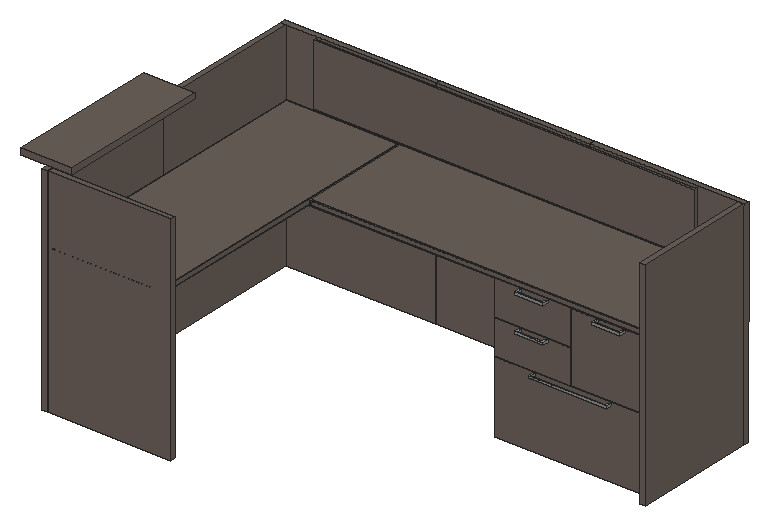
Revit family "OFS TYPICAL T200097", category Furniture, Revit 2022
Family settings
  OmniClass Number = 23.40.20.00
  OmniClass Title = General Furniture and Specialties
  Work Plane-Based = No
  Always vertical = Yes
  Cut with Voids When Loaded = No
  Render Appearance Source = Family Geometry
  Shared = No
  Room Calculation Point = No
Parameters (values of type "T200097")
  URL = "http://ofs.com/"
  Model = "T200097"
  Manufacturer = "OFS"
  Description = "OFS TYPICAL T200097"
  Default Elevation = 0' - 0"
  Copyright © = "©OFS 2024"
  Catalog = ""
  Authoring Version = "Autodesk Revit 2018"
  Assembly Code = "E2020200"
Reference planes (in)
  plane 1 "Center Front/Back": y = 0
  plane 2: z = 0
  plane 3 "Center Left/Right": x = 0
Dimensions and locks (in)
  aligned and locked: level to plane 2
Nested families (in)
  nested 1: "STAKS BENCHING RECTANGULAR WORKSURFACES" at (-0.83365, -65.55498, 0.125) x (0, 1, 0) z (0, 0, 1), type "STAKS BENCHING RECTANGULAR WORKSURFACE 57 X 22"
    with SURFACE WIDTH 4' - 9"
  nested 2: "STAKS BENCHING RECTANGULAR WORKSURFACES" at (96.55498, -24.83365, 0.125) x (-1, 0, 0) z (0, 0, 1), type "STAKS BENCHING RECTANGULAR WORKSURFACE 66 X 22"
  nested 3: "STAKS WORKSURFACE HEIGHT MULTI FILE PEDESTAL - NO RISER SUPPORT" at (53.08589, -23.62535, 0), type "STAKS WORKSURFACE HEIGHT MULTI FILE PEDESTAL 30 x 19 Right"
  nested 4: "STAKS SPINE OR DIVIDER WALL 42in" at (-6.55498, -56.16635, 0.125), type "STAKS SPINE OR DIVIDER WALL 42in X 24in"
    with Height Above Floor 3' - 6"
  nested 5: "STAKS SPINE OR DIVIDER WALL 42in" at (-1.83365, -66.55498, 0.125) x (0, 1, 0) z (0, 0, 1), type "STAKS SPINE OR DIVIDER WALL 42in X 26in 2"
    with Height Above Floor 3' - 6", Width 2' - 4"
  nested 6: "STAKS SPINE OR DIVIDER WALL 42in" at (-7.55498, 1.83365, 0.125), type "STAKS SPINE OR DIVIDER WALL 42in X 30in"
    with Height Above Floor 3' - 6"
  nested 7: "STAKS TRANSACTION SHELF" at (-1.49965, -27.375, -4.625) x (0, 1, 0) z (0, 0, 1), type "STAKS TRANSACTION SHELF 30in"
  nested 8: "STAKS FABRIC TACKBOARD FOR SPINE OR DIVIDER WALL" at (-0.80498, 0.83365, 0.125), type "STAKS FABRIC TACKBOARD FOR SPINE OR DIVIDER WALL 12H x 74-96W"
    with Height Above Floor 3' - 5 1/2"
  nested 9: "STAKS BENCHING CANTILEVER WORKSURFACE BRACKET - OPEN" at (70.75, -3.87535, 0), type "CANTILEVER WORKSURFACE BRACKET - OPEN 22in"
  nested 10: "STAKS SPINE OR DIVIDER WALL 42in" at (87.16635, 6.55498, 0.125) x (0, -1, 0) z (0, 0, 1), type "STAKS SPINE OR DIVIDER WALL 42in X 24in"
    with Height Above Floor 3' - 6"
  nested 11: "STAKS SPINE OR DIVIDER WALL 42in" at (67.55498, 1.83365, 0.125) x (-1, 0, 0) z (0, 0, 1), type "STAKS SPINE OR DIVIDER WALL 42in X 30in"
    with Height Above Floor 3' - 6"
  nested 12: "STAKS SPINE OR DIVIDER WALL 42in" at (52.44502, 1.83365, 0.125), type "STAKS SPINE OR DIVIDER WALL 42in X 30in"
    with Height Above Floor 3' - 6"
  nested 13: "STAKS SPINE OR DIVIDER WALL 42in" at (-1.83365, -38.55498, 0.125) x (0, 1, 0) z (0, 0, 1), type "STAKS SPINE OR DIVIDER WALL 42in X 30in"
    with Height Above Floor 3' - 6"
  nested 14: "STAKS BENCHING CANTILEVER WORKSURFACE BRACKET - OPEN" at (46, -3.87535, 0), type "CANTILEVER WORKSURFACE BRACKET - OPEN 22in"
  nested 15: "STAKS BENCHING CANTILEVER WORKSURFACE BRACKET - OPEN" at (3.87535, -14.25, 0) x (0, 1, 0) z (0, 0, 1), type "CANTILEVER WORKSURFACE BRACKET - OPEN 22in"
  nested 16: "STAKS BENCHING CANTILEVER WORKSURFACE BRACKET - OPEN" at (3.87535, -33, 0) x (0, 1, 0) z (0, 0, 1), type "CANTILEVER WORKSURFACE BRACKET - OPEN 22in"
  nested 17: "STAKS BENCHING CANTILEVER WORKSURFACE BRACKET - OPEN" at (3.87535, 3.5, 0) x (0, 1, 0) z (0, 0, 1), type "CANTILEVER WORKSURFACE BRACKET - OPEN 22in"
  nested 18: "temp:STAKS BENCHING PRESS FIT BRACKET" at (17, -55.44292, 15), type "STAKS BENCHING PRESS FIT BRACKET"
  nested 19: "temp:STAKS BENCHING PRESS FIT BRACKET" at (17, -33.05708, 15), type "STAKS BENCHING PRESS FIT BRACKET"
Definition of nested family "STAKS BENCHING RECTANGULAR WORKSURFACES"
  Parameters (values of type "STAKS BENCHING RECTANGULAR WORKSURFACE 48 X 22")
    URL = "https://www.ofs.com/"
    SURFACE DEPTH = 1' - 10"
    Model = "6-MCT-48/22"
    Manufacturer = "OFS"
    Description = "OFS STAKS BENCHING 48 X 22 RECTANGULAR WORKSURFACE"
    SURFACE WIDTH = 4' - 0"
    Default Elevation = 0' - 0"
    Copyright © = "© 2018 OFS"
    Catalog = "https://ofs.com/products/open-plan/benching/staks"
    Authoring Version = "Autodesk Revit Architecture 2013"
    Assembly Code = "E2020200"
  Types (21): name | SURFACE DEPTH | Model | Description | SURFACE WIDTH
    STAKS BENCHING RECTANGULAR WORKSURFACE 48 X 22 | 1' - 10" | "6-MCT-48/22" | "OFS STAKS BENCHING 48 X 22 RECTANGULAR WORKSURFACE" | 4' - 0"
    STAKS BENCHING RECTANGULAR WORKSURFACE 60 X 22 | 1' - 10" | "6-MCT-60/22" | "OFS STAKS BENCHING 60 X 22 RECTANGULAR WORKSURFACE" | 5' - 0"
    STAKS BENCHING RECTANGULAR WORKSURFACE 72 X 22 | 1' - 10" | "6-MCT-72/22" | "OFS STAKS BENCHING 72 X 22 RECTANGULAR WORKSURFACE" | 6' - 0"
    STAKS BENCHING RECTANGULAR WORKSURFACE 60 X 36 | 3' - 0" | "6-MCT-60/36" | "OFS STAKS BENCHING 60 X 36 RECTANGULAR WORKSURFACE" | 5' - 0"
    STAKS BENCHING RECTANGULAR WORKSURFACE 72 X 36 | 3' - 0" | "6-MCT-72/36" | "OFS STAKS BENCHING 72 X 36 RECTANGULAR WORKSURFACE" | 6' - 0"
    STAKS BENCHING RECTANGULAR WORKSURFACE 60 X 30 | 2' - 6" | "6-MCT-60/30" | "OFS STAKS BENCHING 60 X 30 RECTANGULAR WORKSURFACE" | 5' - 0"
    STAKS BENCHING RECTANGULAR WORKSURFACE 72 X 30 | 2' - 6" | "6-MCT-72/30" | "OFS STAKS BENCHING 72 X 30 RECTANGULAR WORKSURFACE" | 6' - 0"
    STAKS BENCHING RECTANGULAR WORKSURFACE 48 X 30 | 2' - 6" | "6-MCT-48/30" | "OFS STAKS BENCHING 48 X 30 RECTANGULAR WORKSURFACE" | 4' - 0"
    STAKS BENCHING RECTANGULAR WORKSURFACE 48 X 36 | 3' - 0" | "6-MCT-48/36" | "OFS STAKS BENCHING 48 X 36 RECTANGULAR WORKSURFACE" | 4' - 0"
    STAKS BENCHING RECTANGULAR WORKSURFACE 54 X 22 | 1' - 10" | "6-MCT-54/22" | "OFS STAKS BENCHING 54 X 22 RECTANGULAR WORKSURFACE" | 4' - 6"
    STAKS BENCHING RECTANGULAR WORKSURFACE 66 X 22 | 1' - 10" | "6-MCT-66/22" | "OFS STAKS BENCHING 66 X 22 RECTANGULAR WORKSURFACE" | 5' - 6"
    STAKS BENCHING RECTANGULAR WORKSURFACE 78 X 22 | 1' - 10" | "6-MCT-78/22" | "OFS STAKS BENCHING 78 X 22 RECTANGULAR WORKSURFACE" | 6' - 6"
    STAKS BENCHING RECTANGULAR WORKSURFACE 84 X 22 | 1' - 10" | "6-MCT-84/22" | "OFS STAKS BENCHING 84 X 22 RECTANGULAR WORKSURFACE" | 7' - 0"
    STAKS BENCHING RECTANGULAR WORKSURFACE 54 X 30 | 2' - 6" | "6-MCT-54/30" | "OFS STAKS BENCHING 54 X 30 RECTANGULAR WORKSURFACE" | 4' - 6"
    STAKS BENCHING RECTANGULAR WORKSURFACE 66 X 30 | 2' - 6" | "6-MCT-66/30" | "OFS STAKS BENCHING 66 X 30 RECTANGULAR WORKSURFACE" | 5' - 6"
    STAKS BENCHING RECTANGULAR WORKSURFACE 78 X 30 | 2' - 6" | "6-MCT-78/30" | "OFS STAKS BENCHING 78 X 30 RECTANGULAR WORKSURFACE" | 6' - 6"
    STAKS BENCHING RECTANGULAR WORKSURFACE 84 X 30 | 2' - 6" | "6-MCT-84/30" | "OFS STAKS BENCHING 84 X 30 RECTANGULAR WORKSURFACE" | 7' - 0"
    STAKS BENCHING RECTANGULAR WORKSURFACE 54 X 36 | 3' - 0" | "6-MCT-54/36" | "OFS STAKS BENCHING 54 X 36 RECTANGULAR WORKSURFACE" | 4' - 6"
    STAKS BENCHING RECTANGULAR WORKSURFACE 66 X 36 | 3' - 0" | "6-MCT-66/36" | "OFS STAKS BENCHING 66 X 36 RECTANGULAR WORKSURFACE" | 5' - 6"
    STAKS BENCHING RECTANGULAR WORKSURFACE 78 X 36 | 3' - 0" | "6-MCT-78/36" | "OFS STAKS BENCHING 78 X 36 RECTANGULAR WORKSURFACE" | 6' - 6"
    STAKS BENCHING RECTANGULAR WORKSURFACE 84 X 36 | 3' - 0" | "6-MCT-84/36" | "OFS STAKS BENCHING 84 X 36 RECTANGULAR WORKSURFACE" | 6' - 6"
  Reference planes (in)
    plane 1: z = -0.125
    plane 2 "LEFT": x = 7.55498
    plane 3 "RIGHT": x = 55.55498
    plane 4 "BACK": y = -1.83365
    plane 5 "FRONT": y = -23.83365
    plane 6: x = 7.67998
    plane 7: x = 55.42998
    plane 8: y = -1.95865
    plane 9: y = -23.70865
    plane 10: z = 27.75
    plane 11 "SURFACE TOP": z = 28.875
  Forms (in)
    Extrusion 1, solid
      sketch origin (0, 0, 17.125) x (-1, 0, 0) y (0, -1, 0)
        loop
          line (-7.67998, 1.95865) -> (-7.67998, 23.70865) -> (-55.42998, 23.70865) -> (-55.42998, 1.95865) -> (-7.67998, 1.95865)
      from 11.75 to 10.625
    Sweep 2, solid
      path origin (0, 0, 28.875) x (0, 1, 0) y (-1, 0, 0)
        loop
          line (-23.83365, -7.55498) -> (-23.83365, -55.55498) -> (-1.83365, -55.55498) -> (-1.83365, -7.55498) -> (-23.83365, -7.55498)
      profile origin (31.55498, -23.83365, 28.875) x (0, 1, 0) y (0, 0, 1)
        loop
          arc (0.125, 0) -> (0.03661, -0.03661) -> (0, -0.125) r 0.125
          line (0, -0.125) -> (0, -1)
          arc (0, -1) -> (0.03661, -1.08839) -> (0.125, -1.125) r 0.125
          line (0.125, -1.125) -> (0.125, 0)
  Lines and regions (in)
    Masking region 1
      outline origin (0, 0, 16.625) x (-1, 0, 0) y (0, -1, 0)
        loop
          line (-7.67998, 1.95865) -> (-7.55498, 1.83365) -> (-7.55498, 23.83365) -> (-7.67998, 23.70865) -> (-7.67998, 1.95865)
    Masking region 2
      outline origin (0, 0, 16.625) x (-1, 0, 0) y (0, -1, 0)
        loop
          line (-7.55498, 1.83365) -> (-7.67998, 1.95865) -> (-55.42998, 1.95865) -> (-55.55498, 1.83365) -> (-7.55498, 1.83365)
    Masking region 3
      outline origin (0, 0, 16.625) x (-1, 0, 0) y (0, -1, 0)
        loop
          line (-55.55498, 1.83365) -> (-55.42998, 1.95865) -> (-55.42998, 23.70865) -> (-55.55498, 23.83365) -> (-55.55498, 1.83365)
    Masking region 4
      outline origin (0, 0, 16.625) x (-1, 0, 0) y (0, -1, 0)
        loop
          line (-55.55498, 23.83365) -> (-55.42998, 23.70865) -> (-7.67998, 23.70865) -> (-7.55498, 23.83365) -> (-55.55498, 23.83365)
    Masking region 5
      outline origin (0, 0, 16.625) x (-1, 0, 0) y (0, -1, 0)
        loop
          line (-55.42998, 23.70865) -> (-55.42998, 1.95865) -> (-7.67998, 1.95865) -> (-7.67998, 23.70865) -> (-55.42998, 23.70865)
  Dimensions and locks (in)
    "SURFACE DEPTH": plane 4 "BACK" to plane 5 "FRONT"
    "SURFACE WIDTH": plane 2 "LEFT" to plane 3 "RIGHT"
    locked: plane 11 "SURFACE TOP" to plane 10 at 1.125
    locked: plane 4 "BACK" to plane 8 at 0.125
    locked: plane 2 "LEFT" to plane 6 at 0.125
    locked: plane 7 to plane 3 "RIGHT" at 0.125
    locked: plane 9 to plane 5 "FRONT" at 0.125
    aligned: level to plane 1
    aligned and locked: plane 8 to Extrusion 1 sketch curve
    aligned and locked: Extrusion 1 sketch curve to plane 6
    aligned and locked: Extrusion 1 sketch curve to plane 9
    aligned and locked: plane 7 to Extrusion 1 sketch curve
    aligned and locked: plane 11 "SURFACE TOP" to Extrusion 1
    aligned and locked: Extrusion 1 to plane 10
    aligned and locked: Sweep 2 sketch curve to plane 5 "FRONT"
    aligned and locked: Sweep 2 sketch curve to plane 2 "LEFT"
    aligned and locked: plane 4 "BACK" to Sweep 2 sketch curve
    aligned and locked: plane 3 "RIGHT" to Sweep 2 sketch curve
  Automatic sketch dimensions
    Masking region 1 sketch curve to plane 6 = 0' - 0"
    Masking region 1 sketch curve to plane 2 "LEFT" = 0' - 0"
    Masking region 1 sketch curve to plane 4 "BACK" = 0' - 0"
    Masking region 1 sketch curve to plane 8 = 0' - 0"
    Masking region 1 sketch curve to plane 9 = 0' - 0"
    Masking region 1 sketch curve to plane 5 "FRONT" = 0' - 0"
    Masking region 2 sketch curve to plane 3 "RIGHT" = 0' - 0"
    Masking region 2 sketch curve to plane 7 = 0' - 0"
    Masking region 2 sketch curve to plane 6 = 0' - 0"
    Masking region 2 sketch curve to plane 2 "LEFT" = 0' - 0"
    Masking region 2 sketch curve to plane 4 "BACK" = 0' - 0"
    Masking region 2 sketch curve to plane 8 = 0' - 0"
    Masking region 3 sketch curve to plane 3 "RIGHT" = 0' - 0"
    Masking region 3 sketch curve to plane 7 = 0' - 0"
    Masking region 3 sketch curve to plane 4 "BACK" = 0' - 0"
    Masking region 3 sketch curve to plane 8 = 0' - 0"
    Masking region 3 sketch curve to plane 9 = 0' - 0"
    Masking region 3 sketch curve to plane 5 "FRONT" = 0' - 0"
    Masking region 4 sketch curve to plane 3 "RIGHT" = 0' - 0"
    Masking region 4 sketch curve to plane 7 = 0' - 0"
    Masking region 4 sketch curve to plane 6 = 0' - 0"
    Masking region 4 sketch curve to plane 2 "LEFT" = 0' - 0"
    Masking region 4 sketch curve to plane 9 = 0' - 0"
    Masking region 4 sketch curve to plane 5 "FRONT" = 0' - 0"
    Masking region 5 sketch curve to plane 7 = 0' - 0"
    Masking region 5 sketch curve to plane 6 = 0' - 0"
    Masking region 5 sketch curve to plane 8 = 0' - 0"
    Masking region 5 sketch curve to plane 9 = 0' - 0"
    Sweep 2 sketch curve to profile plane = 0' - 0"
    Sweep 2 sketch curve to plane 11 "SURFACE TOP" = 0' - 0"
    Sweep 2 sketch curve to profile plane = 0' - 0 1/8"
    Sweep 2 sketch curve to Sweep 2 sketch curve = 0' - 0 7/8"
Definition of nested family "STAKS WORKSURFACE HEIGHT MULTI FILE PEDESTAL - NO RISER SUPPORT"
  Parameters (values of type "STAKS WORKSURFACE HEIGHT MULTI FILE PEDESTAL 30 x 19 Left")
    URL = "http://www.ofs.com/"
    Riser Support = 0' - 0"
    Model = "6-NW3019MPD12L"
    Manufacturer = "OFS"
    LDR = no
    LDL = yes
    Height = 2' - 3 7/8"
    Drawer Material = none
    Drawer Handle Width 2 = 0' - 5 1/2"
    Drawer Handle Width = 1' - 3 1/8"
    Drawer Handle Material = none
    Description = "OFS STAKS WORKSURFACE HEIGHT MULTI FILE PEDESTAL 30 x 19 Left, One Lateral File Drawer, Use with 22\"D Worksurfaces"
    Width = 2' - 6"
    Depth = 1' - 7 3/8"
    Default Elevation = 0' - 0"
    DH2 = 0' - 6 3/4"
    DH1 = 1' - 2 3/8"
    Copyright © = "© 2018 OFS"
    Chasis Material = none
    Catalog = "https://ofs.com/products/casegoods/private-office/staks"
    Board Thickness = 0' - 0 3/4"
    Authoring Version = "Autodesk Revit Architecture 2013"
    Assembly Code = "E2020200"
  Types (4): name | Model | LDR | LDL | Description | Depth
    STAKS WORKSURFACE HEIGHT MULTI FILE PEDESTAL 30 x 19 Left | "6-NW3019MPD12L" | no | yes | "OFS STAKS WORKSURFACE HEIGHT MULTI FILE PEDESTAL 30 x 19 Left, One Lateral File Drawer, Use with 22\"D Worksurfaces" | 1' - 7 3/8"
    STAKS WORKSURFACE HEIGHT MULTI FILE PEDESTAL 30 x 19 Right | "6-NW3019MPD12R" | yes | no | "OFS STAKS WORKSURFACE HEIGHT MULTI FILE PEDESTAL 30 x 19 Right, One Lateral File Drawer, Use with 22\"D Worksurfaces" | 1' - 7 3/8"
    STAKS WORKSURFACE HEIGHT MULTI FILE PEDESTAL 30 x 22 Right | "6-NW3022MPD12R" | yes | no | "OFS STAKS WORKSURFACE HEIGHT MULTI FILE PEDESTAL 30 x 22 Right, One Lateral File Drawer, Use with 22\"D Worksurfaces" | 1' - 9 7/8"
    STAKS WORKSURFACE HEIGHT MULTI FILE PEDESTAL 30 x 22 Left | "6-NW3022MPD12L" | no | yes | "OFS STAKS WORKSURFACE HEIGHT MULTI FILE PEDESTAL 30 x 22 Left, One Lateral File Drawer, Use with 22\"D Worksurfaces" | 1' - 9 7/8"
  Reference planes (in)
    plane 1: z = 0
    plane 2 "Right": x = 20.97711
    plane 3: z = 27.875
    plane 4: z = 14.375
    plane 5: z = 14.25
    plane 6: z = 0
    plane 7: z = 14
    plane 8: z = 27.625
    plane 9: z = 13.531
    plane 10: z = 27.15625
    plane 11: x = 5.97711
    plane 12: y = 1.37535
    plane 13: y = 0.62535
    plane 14: x = 6.03961
    plane 15: x = 35.91411
    plane 16: x = 6.72711
    plane 17: y = 20.00035
    plane 18: x = 35.97711
    plane 19: x = 35.22711
    plane 20: x = 13.41461
    plane 21: x = 13.78961
    plane 22: x = 28.53961
    plane 23: x = 28.16461
    plane 24: y = -0.18715
    plane 25: y = -0.37465
    plane 26: z = 21.125
    plane 27: z = 21
    plane 28: z = 20.75
    plane 29: z = 20.281
    plane 30: z = 0.25
    plane 31: y = 19.25035
    plane 32: z = 0.75
    plane 33: y = 16.75035
    plane 34: y = 4.37535
    plane 35: y = 8.37535
    plane 36: y = 12.75035
    plane 37: y = 5.00035
    plane 38: y = 13.37535
    plane 39: z = 28
    plane 40: x = 20.91461
    plane 41: x = 21.03961
    plane 42: x = 13.50836
    plane 43: x = 16.25836
    plane 44: x = 10.75836
    plane 45: x = 11.13336
    plane 46: x = 15.88336
    plane 47: x = 28.47711
    plane 48: x = 25.72711
    plane 49: x = 31.22711
    plane 50: x = 30.85211
    plane 51: x = 26.10211
  Forms (in)
    Extrusion 1, solid, material <- "Drawer Material"
      sketch origin (20.35211, 5, -13.1802) x (0, 1, 0) y (0, 0, 1)
        loop
          line (-4.37465, 27.4302) -> (-4.37465, 13.4302) -> (-3.62465, 13.4302) -> (-3.62465, 27.4302) -> (-4.37465, 27.4302)
      from -14.3125 to 15.562
    Extrusion 2, solid, material <- "Drawer Material", visible <- "LDR"
      sketch origin (20.35211, 2.25, -7.68015) x (0, 1, 0) y (0, 0, 1)
        loop
          line (-1.62465, 28.68015) -> (-1.62465, 22.05515) -> (-0.87465, 22.05515) -> (-0.87465, 28.68015) -> (-1.62465, 28.68015)
      from -14.3125 to 0.5625
    Extrusion 3, solid, material <- "Chasis Material"
      sketch origin (-3, -1.24965, 0) x (1, 0, 0) y (0, 0, 1)
        loop
          line (8.97711, 0) -> (9.72711, 0) -> (9.72711, 27.875) -> (8.97711, 27.875) -> (8.97711, 0)
      from -21.25 to -2.625
    Extrusion 4, solid, material <- "Chasis Material"
      sketch origin (19.35211, 31.02324, 0) x (0, 1, 0) y (0, 0, 1)
        loop
          line (-11.77289, 0) -> (-11.02289, 0) -> (-11.02289, 27.875) -> (-11.77289, 27.875) -> (-11.77289, 0)
      from -12.625 to 15.875
    Extrusion 5, solid, material <- "Drawer Handle Material"
      sketch origin (9, 0, 9.60933) x (1, 0, 0) y (0, 1, 0)
        loop
          line (4.41461, 0.62535) -> (4.41461, -0.37465) -> (19.53961, -0.37465) -> (19.53961, 0.62535) -> (19.16461, 0.62535) -> (19.16461, -0.18715) -> (4.78961, -0.18715) -> (4.78961, 0.62535) -> (4.41461, 0.62535)
      from 3.92167 to 4.39067
    Extrusion 6, solid, material <- "Chasis Material"
      sketch origin (0, 0, 0) x (1, 0, 0) y (0, 1, 0)
        loop
          line (35.97711, 20.00035) -> (35.22711, 20.00035) -> (35.22711, 1.37535) -> (35.97711, 1.37535) -> (35.97711, 20.00035)
      from 0 to 27.875
    Extrusion 7, solid, material <- "Drawer Material", visible <- "LDR"
      sketch origin (20.35211, 2.25, 0.06985) x (0, 1, 0) y (0, 0, 1)
        loop
          line (-1.62465, 27.80515) -> (-1.62465, 21.05515) -> (-0.87465, 21.05515) -> (-0.87465, 27.80515) -> (-1.62465, 27.80515)
      from -14.3125 to 0.5625
    Extrusion 8, solid, material <- "Chasis Material"
      sketch origin (-29.79592, -1.62465, 7.24693) x (1, 0, 0) y (0, 0, 1)
        loop
          line (36.52304, 19.90932) -> (65.02304, 19.90932) -> (65.02304, 20.62807) -> (36.52304, 20.62807) -> (36.52304, 19.90932)
      from -18.375 to -14.375
    Extrusion 9, solid, material <- "Chasis Material"
      sketch origin (-29.79592, -7.12465, 7.24693) x (1, 0, 0) y (0, 0, 1)
        loop
          line (36.52304, 19.90932) -> (65.02304, 19.90932) -> (65.02304, 20.62807) -> (36.52304, 20.62807) -> (36.52304, 19.90932)
      from -15.5 to -11.5
    Extrusion 10, solid, material <- "Chasis Material"
      sketch origin (-31.5409, -1.62465, -42.72261) x (1, 0, 0) y (0, 0, 1)
        loop
          line (38.26801, 42.72261) -> (66.76801, 42.72261) -> (66.76801, 43.47261) -> (38.26801, 43.47261) -> (38.26801, 42.72261)
      from -20.875 to -3
    Extrusion 11, solid
      sketch origin (0, 0, 0) x (1, 0, 0) y (0, 1, 0)
        loop
          line (35.91411, 20.00035) -> (35.22711, 20.00035) -> (35.22711, 13.37535) -> (6.72711, 13.37535) -> (6.72711, 20.00035) -> (6.03961, 20.00035) -> (6.03961, 1.37535) -> (6.72711, 1.37535) -> (6.72711, 4.37535) -> (35.22711, 4.37535) -> (35.22711, 1.37535) -> (35.91411, 1.37535) -> (35.91411, 20.00035)
        loop
          line (35.22711, 5.00035) -> (35.22711, 12.75035) -> (6.72711, 12.75035) -> (6.72711, 5.00035) -> (35.22711, 5.00035)
      from 27.875 to 28
    Extrusion 12, solid, material <- "Drawer Material", visible <- "LDL"
      sketch origin (21.60211, 2.25, -7.68015) x (0, 1, 0) y (0, 0, -1)
        loop
          line (-1.62465, -28.68015) -> (-0.87465, -28.68015) -> (-0.87465, -22.05515) -> (-1.62465, -22.05515) -> (-1.62465, -28.68015)
      from -14.312 to 0.5625
    Extrusion 13, solid, material <- "Drawer Material", visible <- "LDL"
      sketch origin (21.60211, 2.25, 0.06985) x (0, 1, 0) y (0, 0, -1)
        loop
          line (-1.62465, -27.80515) -> (-0.87465, -27.80515) -> (-0.87465, -21.05515) -> (-1.62465, -21.05515) -> (-1.62465, -27.80515)
      from -14.312 to 0.5625
    Extrusion 14, solid, material <- "Drawer Handle Material"
      sketch origin (6, 0, 28.42137) x (1, 0, 0) y (0, 1, 0)
        loop
          line (4.75836, 0.62535) -> (4.75836, -0.37465) -> (10.25836, -0.37465) -> (10.25836, 0.62535) -> (9.88336, 0.62535) -> (9.88336, -0.18715) -> (5.13336, -0.18715) -> (5.13336, 0.62535) -> (4.75836, 0.62535)
      from -1.26512 to -0.79637
    Extrusion 15, solid, material <- "Drawer Handle Material"
      sketch origin (20.66456, -2.06097, 28.42137) x (1, 0, 0) y (0, 1, 0)
        loop
          line (5.06255, 2.68632) -> (5.06255, 1.68632) -> (10.56255, 1.68632) -> (10.56255, 2.68632) -> (10.18755, 2.68632) -> (10.18755, 1.87382) -> (5.43755, 1.87382) -> (5.43755, 2.68632) -> (5.06255, 2.68632)
      from -1.26512 to -0.79637
    Extrusion 16, solid, material <- "Drawer Handle Material", visible <- "LDR"
      sketch origin (7.00542, -0.5, 20.23287) x (1, 0, 0) y (0, 1, 0)
        loop
          line (3.75294, 1.12535) -> (3.75294, 0.12535) -> (9.25294, 0.12535) -> (9.25294, 1.12535) -> (8.87794, 1.12535) -> (8.87794, 0.31285) -> (4.12794, 0.31285) -> (4.12794, 1.12535) -> (3.75294, 1.12535)
      from 0.04813 to 0.51713
    Extrusion 17, solid, material <- "Drawer Handle Material", visible <- "LDL"
      sketch origin (21.66998, -2.56097, 20.23287) x (1, 0, 0) y (0, 1, 0)
        loop
          line (4.05713, 3.18632) -> (4.05713, 2.18632) -> (9.55713, 2.18632) -> (9.55713, 3.18632) -> (9.18213, 3.18632) -> (9.18213, 2.37382) -> (4.43213, 2.37382) -> (4.43213, 3.18632) -> (4.05713, 3.18632)
      from 0.04813 to 0.51713
    Extrusion 18, solid, material <- "Drawer Material", visible <- "LDL"
      sketch origin (24.41461, 28.53949, -8.13862) x (0, 1, 0) y (0, 0, 1)
        loop
          line (-27.91414, 36.01362) -> (-27.91414, 22.51362) -> (-27.16414, 22.51362) -> (-27.16414, 36.01362) -> (-27.91414, 36.01362)
      from -18.375 to -3.5
    Extrusion 19, solid, material <- "Drawer Material", visible <- "LDR"
      sketch origin (46.20051, 28.53949, -5.07681) x (0, 1, 0) y (0, 0, 1)
        loop
          line (-27.91414, 32.95181) -> (-27.91414, 19.45181) -> (-27.16414, 19.45181) -> (-27.16414, 32.95181) -> (-27.91414, 32.95181)
      from -25.1609 to -10.2864
  Dimensions and locks (in)
    "Board Thickness": plane 13 to plane 12
    locked: plane 11 to plane 14 at 0.0625
    "Board Thickness": plane 11 to plane 16
    locked: plane 15 to plane 18 at 0.063
    "Width": plane 11 to plane 18
    Extrusion 6 sketch curve to plane 18 = 0' - 0 3/4"
    "Board Thickness": plane 19 to plane 18
    equal spacing: plane 11, plane 2 "Right", plane 18
    locked: plane 20 to plane 21 at 0.375
    locked: plane 23 to plane 22 at 0.375
    equal spacing: plane 20, plane 2 "Right", plane 22
    "Drawer Handle Width": plane 20 to plane 22
    plane 25 to plane 24 to plane 13 = 0' - 0 3/16" locked, 0' - 0 13/16" locked
    "Riser Support": plane 6 to level
    "Height": plane 3 to plane 6
    "DH1": plane 4 to plane 6
    "DH2": plane 26 to plane 4
    locked: plane 30 to plane 6 at 0.25
    "Board Thickness": plane 31 to plane 17
    "Depth": plane 13 to plane 17
    plane 4 to plane 5 to plane 7 to plane 9 = 0' - 0 1/8" locked, 0' - 0 1/4" locked, 0' - 0.469" locked
    plane 26 to plane 27 to plane 28 to plane 29 = 0' - 0 1/8" locked, 0' - 0 1/4" locked, 0' - 0.469" locked
    plane 3 to plane 8 to plane 10 = 0' - 0 1/4" locked, 0' - 0 15/32" locked
    "Board Thickness": plane 32 to plane 6
    plane 12 to plane 34 to plane 35 = 0' - 3" locked, 0' - 4" locked
    plane 36 to plane 33 to plane 31 = 0' - 4" locked, 0' - 2 1/2" locked
    locked: plane 34 to plane 37 at 0.625
    locked: plane 36 to plane 38 at 0.625
    locked: plane 39 to plane 3 at 0.125
    plane 40 to plane 2 "Right" to plane 41 = 0' - 0 1/16" locked, 0' - 0 1/16" locked
    locked: plane 46 to plane 43 at 0.375
    locked: plane 44 to plane 45 at 0.375
    "Drawer Handle Width 2": plane 44 to plane 43
    locked: plane 51 to plane 48 at 0.375
    locked: plane 49 to plane 50 at 0.375
    "Drawer Handle Width 2": plane 49 to plane 48
    equal spacing: plane 44, plane 42, plane 43
    equal spacing: plane 48, plane 47, plane 49
    equal spacing: plane 14, plane 42, plane 2 "Right"
    equal spacing: plane 2 "Right", plane 47, plane 18
    aligned and locked: level to plane 1
    aligned and locked: Extrusion 1 to plane 14
    aligned and locked: plane 15 to Extrusion 1
    aligned and locked: Extrusion 2 to plane 12
    aligned and locked: plane 13 to Extrusion 2
    aligned and locked: Extrusion 2 to plane 14
    aligned and locked: plane 12 to Extrusion 3
    aligned and locked: Extrusion 3 to plane 17
    aligned and locked: Extrusion 4 to plane 16
    aligned and locked: plane 16 to Extrusion 3
    aligned and locked: Extrusion 3 to plane 11
    aligned and locked: Extrusion 4 to plane 17
    aligned and locked: Extrusion 1 sketch curve to plane 12
    aligned and locked: plane 13 to Extrusion 1 sketch curve
    aligned and locked: plane 19 to Extrusion 4
    aligned and locked: plane 3 to Extrusion 3
    aligned and locked: Extrusion 5 to plane 22
    aligned and locked: plane 23 to Extrusion 5
    aligned and locked: plane 21 to Extrusion 5
    aligned and locked: Extrusion 5 to plane 20
    aligned and locked: plane 7 to Extrusion 5
    aligned and locked: Extrusion 5 to plane 9
    aligned and locked: plane 3 to Extrusion 4
    aligned and locked: plane 27 to Extrusion 2
    aligned and locked: Extrusion 1 to plane 30
    aligned and locked: Extrusion 7 to plane 26
    aligned and locked: plane 3 to Extrusion 7
    aligned and locked: Extrusion 6 to plane 19
    aligned and locked: Extrusion 7 to plane 14
    aligned and locked: plane 3 to Extrusion 6
    aligned and locked: Extrusion 6 to plane 6
    aligned and locked: plane 3 to Extrusion 8
    aligned and locked: Extrusion 8 to plane 10
    aligned and locked: plane 19 to Extrusion 8
    aligned and locked: Extrusion 8 to plane 16
    aligned and locked: Extrusion 8 to plane 33
    aligned and locked: plane 36 to Extrusion 8
    aligned and locked: plane 34 to Extrusion 9
    aligned and locked: Extrusion 9 to plane 35
    aligned and locked: plane 3 to Extrusion 9
    aligned and locked: Extrusion 9 to plane 10
    aligned and locked: plane 32 to Extrusion 10
    aligned and locked: Extrusion 10 to plane 6
    aligned and locked: Extrusion 10 to plane 31
    aligned and locked: plane 12 to Extrusion 10
    aligned and locked: plane 19 to Extrusion 10
    aligned and locked: Extrusion 10 to plane 16
    aligned and locked: Extrusion 11 to plane 3
    aligned and locked: plane 39 to Extrusion 11
    aligned and locked: plane 40 to Extrusion 7
    aligned and locked: plane 40 to Extrusion 2
    aligned and locked: plane 41 to Extrusion 13
    aligned and locked: plane 41 to Extrusion 12
    aligned and locked: Extrusion 13 to plane 26
    aligned and locked: plane 27 to Extrusion 12
    aligned and locked: plane 3 to Extrusion 13
    aligned and locked: Extrusion 12 to plane 4
    aligned and locked: plane 15 to Extrusion 12
    aligned and locked: plane 15 to Extrusion 13
    aligned and locked: Extrusion 14 to plane 45  (x2)
    aligned and locked: plane 44 to Extrusion 14
    aligned and locked: plane 46 to Extrusion 14
    aligned and locked: Extrusion 14 to plane 43
    aligned and locked: Extrusion 14 to plane 24
    aligned and locked: plane 25 to Extrusion 14
    aligned and locked: Extrusion 14 to plane 13  (x2)
    aligned and locked: Extrusion 15 to plane 13  (x2)
    aligned and locked: Extrusion 15 to plane 24
    aligned and locked: plane 25 to Extrusion 15
    aligned and locked: plane 48 to Extrusion 15
    aligned and locked: Extrusion 15 to plane 51
    aligned and locked: Extrusion 15 to plane 49
    aligned and locked: plane 50 to Extrusion 15
    aligned and locked: plane 8 to Extrusion 14
    aligned and locked: plane 8 to Extrusion 15
    aligned and locked: Extrusion 14 to plane 10
    aligned and locked: Extrusion 15 to plane 10
    aligned and locked: Extrusion 16 to plane 13  (x2)
    aligned and locked: Extrusion 17 to plane 13  (x2)
    aligned and locked: Extrusion 17 to plane 24
    aligned and locked: plane 25 to Extrusion 17
    aligned and locked: Extrusion 16 to plane 24
    aligned and locked: plane 25 to Extrusion 16
    aligned and locked: plane 44 to Extrusion 16
    aligned and locked: Extrusion 16 to plane 45
    aligned and locked: plane 46 to Extrusion 16
    aligned and locked: Extrusion 16 to plane 43
    aligned and locked: plane 48 to Extrusion 17
    aligned and locked: Extrusion 17 to plane 51
    aligned and locked: plane 50 to Extrusion 17
    aligned and locked: Extrusion 17 to plane 49
    aligned and locked: plane 28 to Extrusion 16
    aligned and locked: Extrusion 16 to plane 29
    aligned and locked: plane 28 to Extrusion 17
    aligned and locked: Extrusion 17 to plane 29
    aligned and locked: Extrusion 4 to plane 6
    aligned and locked: Extrusion 3 to plane 6
    aligned and locked: Extrusion 18 to plane 14
    aligned and locked: plane 40 to Extrusion 18
    aligned and locked: Extrusion 18 to plane 4
    aligned and locked: plane 41 to Extrusion 19
    aligned and locked: Extrusion 19 to plane 4
    aligned and locked: plane 15 to Extrusion 19
    aligned and locked: plane 3 to Extrusion 19
    aligned and locked: plane 3 to Extrusion 18
    aligned and locked: plane 13 to Extrusion 18
    aligned and locked: plane 13 to Extrusion 19
    aligned and locked: Extrusion 18 to plane 12
    aligned and locked: Extrusion 19 to plane 12
    aligned and locked: plane 12 to Extrusion 11  (x2)
  Automatic sketch dimensions
    Extrusion 1 sketch curve to plane 30 = 0' - 0"
    Extrusion 1 sketch curve to plane 5 = 0' - 0"
    Extrusion 2 sketch curve to plane 13 = 0' - 0"
    Extrusion 2 sketch curve to plane 4 = 0' - 0"
    Extrusion 2 sketch curve to plane 12 = 0' - 0"
    Extrusion 2 sketch curve to plane 27 = 0' - 0"
    Extrusion 3 sketch curve to plane 6 = 0' - 0"
    Extrusion 3 sketch curve to plane 11 = 0' - 0"
    Extrusion 3 sketch curve to plane 3 = 0' - 0"
    Extrusion 3 sketch curve to plane 16 = 0' - 0"
    Extrusion 4 sketch curve to plane 6 = 0' - 0"
    Extrusion 4 sketch curve to plane 3 = 0' - 0"
    Extrusion 4 sketch curve to plane 17 = 0' - 0"
    plane 31 to Extrusion 4 sketch curve = 0' - 0"
    plane 13 to Extrusion 5 sketch curve = 0' - 0"  (x2)
    Extrusion 5 sketch curve to plane 20 = 0' - 0"
    Extrusion 5 sketch curve to plane 21 = 0' - 0"
    Extrusion 5 sketch curve to plane 23 = 0' - 0"
    Extrusion 5 sketch curve to plane 22 = 0' - 0"
    plane 25 to Extrusion 5 sketch curve = 0' - 0"
    plane 24 to Extrusion 5 sketch curve = 0' - 0"
    plane 12 to Extrusion 6 sketch curve = 0' - 0"
    Extrusion 6 sketch curve to plane 18 = 0' - 0"
    plane 17 to Extrusion 6 sketch curve = 0' - 0"
    Extrusion 7 sketch curve to plane 3 = 0' - 0"
    Extrusion 7 sketch curve to plane 13 = 0' - 0"
    Extrusion 7 sketch curve to plane 12 = 0' - 0"
    Extrusion 7 sketch curve to plane 26 = 0' - 0"
    Extrusion 8 sketch curve to plane 10 = 0' - 0"
    Extrusion 8 sketch curve to plane 16 = 0' - 0"
    Extrusion 8 sketch curve to plane 3 = 0' - 0"
    Extrusion 8 sketch curve to plane 19 = 0' - 0"
    Extrusion 9 sketch curve to plane 10 = 0' - 0"
    Extrusion 9 sketch curve to plane 16 = 0' - 0"
    Extrusion 9 sketch curve to plane 3 = 0' - 0"
    Extrusion 9 sketch curve to plane 19 = 0' - 0"
    Extrusion 10 sketch curve to plane 6 = 0' - 0"
    Extrusion 10 sketch curve to plane 16 = 0' - 0"
    Extrusion 10 sketch curve to plane 19 = 0' - 0"
    Extrusion 10 sketch curve to plane 32 = 0' - 0"
    Extrusion 11 sketch curve to plane 14 = 0' - 0"
    Extrusion 11 sketch curve to plane 16 = 0' - 0"  (x3)
    Extrusion 11 sketch curve to plane 19 = 0' - 0"  (x3)
    plane 17 to Extrusion 11 sketch curve = 0' - 0"  (x2)
    Extrusion 11 sketch curve to plane 13 = 0' - 0 3/4"  (x2)
    Extrusion 11 sketch curve to plane 15 = 0' - 0"
    plane 34 to Extrusion 11 sketch curve = 0' - 0"
    plane 37 to Extrusion 11 sketch curve = 0' - 0"
    plane 36 to Extrusion 11 sketch curve = 0' - 0"
    plane 38 to Extrusion 11 sketch curve = 0' - 0"
    Extrusion 12 sketch curve to plane 13 = 0' - 0"
    plane 4 to Extrusion 12 sketch curve = 0' - 0"
    Extrusion 12 sketch curve to plane 12 = 0' - 0"
    plane 27 to Extrusion 12 sketch curve = 0' - 0"
    plane 3 to Extrusion 13 sketch curve = 0' - 0"
    Extrusion 13 sketch curve to plane 13 = 0' - 0"
    Extrusion 13 sketch curve to plane 12 = 0' - 0"
    plane 26 to Extrusion 13 sketch curve = 0' - 0"
    plane 13 to Extrusion 14 sketch curve = 0' - 0"  (x2)
    Extrusion 14 sketch curve to plane 44 = 0' - 0"
    Extrusion 14 sketch curve to plane 45 = 0' - 0"
    plane 24 to Extrusion 14 sketch curve = 0' - 0"
    Extrusion 14 sketch curve to plane 46 = 0' - 0"
    Extrusion 14 sketch curve to plane 43 = 0' - 0"
    plane 25 to Extrusion 14 sketch curve = 0' - 0"
    plane 13 to Extrusion 15 sketch curve = 0' - 0"  (x2)
    Extrusion 15 sketch curve to plane 48 = 0' - 0"
    Extrusion 15 sketch curve to plane 51 = 0' - 0"
    plane 24 to Extrusion 15 sketch curve = 0' - 0"
    Extrusion 15 sketch curve to plane 50 = 0' - 0"
    Extrusion 15 sketch curve to plane 49 = 0' - 0"
    plane 25 to Extrusion 15 sketch curve = 0' - 0"
    plane 13 to Extrusion 16 sketch curve = 0' - 0"  (x2)
    Extrusion 16 sketch curve to plane 44 = 0' - 0"
    Extrusion 16 sketch curve to plane 45 = 0' - 0"
    plane 24 to Extrusion 16 sketch curve = 0' - 0"
    Extrusion 16 sketch curve to plane 46 = 0' - 0"
    Extrusion 16 sketch curve to plane 43 = 0' - 0"
    plane 25 to Extrusion 16 sketch curve = 0' - 0"
    plane 13 to Extrusion 17 sketch curve = 0' - 0"  (x2)
    Extrusion 17 sketch curve to plane 48 = 0' - 0"
    Extrusion 17 sketch curve to plane 51 = 0' - 0"
    plane 24 to Extrusion 17 sketch curve = 0' - 0"
    Extrusion 17 sketch curve to plane 50 = 0' - 0"
    Extrusion 17 sketch curve to plane 49 = 0' - 0"
    plane 25 to Extrusion 17 sketch curve = 0' - 0"
    plane 36 to Extrusion 18 sketch curve = 1' - 0 1/8"
    plane 4 to Extrusion 18 sketch curve = 0' - 0"
    Extrusion 18 sketch curve to Extrusion 18 sketch curve = 0' - 0 3/4"
    plane 26 to Extrusion 18 sketch curve = 0' - 6 3/4"
    plane 36 to Extrusion 19 sketch curve = 1' - 0 1/8"
    Extrusion 19 sketch curve to plane 29 = 0' - 5.906"
    Extrusion 19 sketch curve to Extrusion 19 sketch curve = 0' - 0 3/4"
    plane 10 to Extrusion 19 sketch curve = 0' - 0 23/32"
Definition of nested family "STAKS SPINE OR DIVIDER WALL 42in"
  Parameters (values of type "STAKS SPINE OR DIVIDER WALL 42in X 24in")
    URL = "http://www.ofs.com/"
    Height Above Floor [instance] = 3' - 6"
    Height = 3' - 6"
    Depth = 0' - 1"
    Model = "6-PAN-42/24"
    Manufacturer = "OFS"
    Description = "OFS STAKS SPINE OR DIVIDER WALL 42\" Height x 24\" Width, Levelers allow 2.5\" Height Adjustability for Uneven Floor"
    Width = 2' - 0"
    Default Elevation = 0' - 0"
    Copyright © = "© 2018 OFS"
    Catalog = "https://ofs.com/products/casegoods/private-office/staks"
    Authoring Version = "Autodesk Revit Architecture 2013"
    Assembly Code = "E2020200"
  Types (19): name | Model | Description | Width
    STAKS SPINE OR DIVIDER WALL 42in X 24in | "6-PAN-42/24" | "OFS STAKS SPINE OR DIVIDER WALL 42\" Height x 24\" Width, Levelers allow 2.5\" Height Adjustability for Uneven Floor" | 2' - 0"
    STAKS SPINE OR DIVIDER WALL 42in X 33in | "6-PAN-42/33" | "OFS STAKS SPINE OR DIVIDER WALL 42\" Height x 33\" Width, Levelers allow 2.5\" Height Adjustability for Uneven Floor" | 2' - 9"
    STAKS SPINE OR DIVIDER WALL 42in X 26in | "6-PAN-42/26" | "OFS STAKS SPINE OR DIVIDER WALL 42\" Height x 26\" Width, Levelers allow 2.5\" Height Adjustability for Uneven Floor" | 2' - 2"
    STAKS SPINE OR DIVIDER WALL 42in X 30in | "6-PAN-42/30" | "OFS STAKS SPINE OR DIVIDER WALL 42\" Height x 30\" Width, Levelers allow 2.5\" Height Adjustability for Uneven Floor" | 2' - 6"
    STAKS SPINE OR DIVIDER WALL 42in X 36in | "6-PAN-42/36" | "OFS STAKS SPINE OR DIVIDER WALL 42\" Height x 36\" Width, Levelers allow 2.5\" Height Adjustability for Uneven Floor" | 3' - 0"
    STAKS SPINE OR DIVIDER WALL 42in X 37in | "6-PAN-42/37" | "OFS STAKS SPINE OR DIVIDER WALL 42\" Height x 37\" Width, Levelers allow 2.5\" Height Adjustability for Uneven Floor" | 3' - 1"
    STAKS SPINE OR DIVIDER WALL 42in X 39in | "6-PAN-42/39" | "OFS STAKS SPINE OR DIVIDER WALL 42\" Height x 39\" Width, Levelers allow 2.5\" Height Adjustability for Uneven Floor" | 3' - 3"
    STAKS SPINE OR DIVIDER WALL 42in X 40in | "6-PAN-42/40" | "OFS STAKS SPINE OR DIVIDER WALL 42\" Height x 40\" Width, Levelers allow 2.5\" Height Adjustability for Uneven Floor" | 3' - 4"
    STAKS SPINE OR DIVIDER WALL 42in X 42in | "6-PAN-42/42" | "OFS STAKS SPINE OR DIVIDER WALL 42\" Height x 42\" Width, Levelers allow 2.5\" Height Adjustability for Uneven Floor" | 3' - 6"
    STAKS SPINE OR DIVIDER WALL 42in X 44in | "6-PAN-42/44" | "OFS STAKS SPINE OR DIVIDER WALL 42\" Height x 44\" Width, Levelers allow 2.5\" Height Adjustability for Uneven Floor" | 3' - 8"
    STAKS SPINE OR DIVIDER WALL 42in X 45in | "6-PAN-42/45" | "OFS STAKS SPINE OR DIVIDER WALL 42\" Height x 45\" Width, Levelers allow 2.5\" Height Adjustability for Uneven Floor" | 3' - 9"
    STAKS SPINE OR DIVIDER WALL 42in X 47in | "6-PAN-42/47" | "OFS STAKS SPINE OR DIVIDER WALL 42\" Height x 47\" Width, Levelers allow 2.5\" Height Adjustability for Uneven Floor" | 3' - 11"
    STAKS SPINE OR DIVIDER WALL 42in X 48in | "6-PAN-42/48" | "OFS STAKS SPINE OR DIVIDER WALL 42\" Height x 48\" Width, Levelers allow 2.5\" Height Adjustability for Uneven Floor" | 4' - 0"
    STAKS SPINE OR DIVIDER WALL 42in X 49in | "6-PAN-42/49" | "OFS STAKS SPINE OR DIVIDER WALL 42\" Height x 49\" Width, Levelers allow 2.5\" Height Adjustability for Uneven Floor" | 4' - 1"
    STAKS SPINE OR DIVIDER WALL 42in X 52in | "6-PAN-42/52" | "OFS STAKS SPINE OR DIVIDER WALL 42\" Height x 52\" Width, Levelers allow 2.5\" Height Adjustability for Uneven Floor" | 4' - 4"
    STAKS SPINE OR DIVIDER WALL 42in X 54in | "6-PAN-42/54" | "OFS STAKS SPINE OR DIVIDER WALL 42\" Height x 54\" Width, Levelers allow 2.5\" Height Adjustability for Uneven Floor" | 4' - 6"
    STAKS SPINE OR DIVIDER WALL 42in X 56in | "6-PAN-42/56" | "OFS STAKS SPINE OR DIVIDER WALL 42\" Height x 56\" Width, Levelers allow 2.5\" Height Adjustability for Uneven Floor" | 4' - 8"
    STAKS SPINE OR DIVIDER WALL 42in X 58in | "6-PAN-42/58" | "OFS STAKS SPINE OR DIVIDER WALL 42\" Height x 58\" Width, Levelers allow 2.5\" Height Adjustability for Uneven Floor" | 4' - 10"
    STAKS SPINE OR DIVIDER WALL 42in X 59in | "6-PAN-42/59" | "OFS STAKS SPINE OR DIVIDER WALL 42\" Height x 59\" Width, Levelers allow 2.5\" Height Adjustability for Uneven Floor" | 4' - 11"
  Reference planes (in)
    plane 1: z = -0.125
    plane 2 "LEFT": x = 7.55498
    plane 3 "RIGHT": x = 31.55498
    plane 4 "BACK": y = -1.83365
    plane 5 "FRONT": y = -2.83365
    plane 6: x = 7.67998
    plane 7: x = 31.42998
    plane 8: y = -1.95865
    plane 9: y = -2.70865
    plane 10: z = -0.125
    plane 11 "SURFACE TOP": z = 41.875
  Forms (in)
    Extrusion 1, solid
      sketch origin (0, 0, 17.125) x (-1, 0, 0) y (0, -1, 0)
        loop
          line (-7.55498, 1.83365) -> (-7.55498, 2.83365) -> (-31.55498, 2.83365) -> (-31.55498, 1.83365) -> (-7.55498, 1.83365)
      from 24.75 to -17.25
  Lines and regions (in)
    symbolic lines
      curve 1: line (7.55498, -1.83365, 41.875) -> (31.55498, -1.83365, 41.875)
      curve 2: line (7.55498, -2.83365, 41.875) -> (7.55498, -1.83365, 41.875)
      curve 3: line (31.55498, -2.83365, 41.875) -> (7.55498, -2.83365, 41.875)
      curve 4: line (31.55498, -1.83365, 41.875) -> (31.55498, -2.83365, 41.875)
  Dimensions and locks (in)
    "Depth": plane 4 "BACK" to plane 5 "FRONT"
    "Width": plane 2 "LEFT" to plane 3 "RIGHT"
    "Height": plane 11 "SURFACE TOP" to plane 10
    locked: plane 4 "BACK" to plane 8 at 0.125
    locked: plane 2 "LEFT" to plane 6 at 0.125
    locked: plane 7 to plane 3 "RIGHT" at 0.125
    locked: plane 9 to plane 5 "FRONT" at 0.125
    "Height Above Floor": plane 11 "SURFACE TOP" to level
    aligned: level to plane 1
    aligned and locked: plane 11 "SURFACE TOP" to Extrusion 1
    aligned and locked: Extrusion 1 to plane 10
    aligned and locked: plane 4 "BACK" to Extrusion 1 sketch curve
    aligned and locked: Extrusion 1 sketch curve to plane 2 "LEFT"
    aligned and locked: Extrusion 1 sketch curve to plane 5 "FRONT"
    aligned and locked: plane 3 "RIGHT" to Extrusion 1 sketch curve
    aligned and locked: curve 1 to Extrusion 1
    aligned and locked: curve 2 to Extrusion 1
    aligned and locked: curve 3 to Extrusion 1
    aligned and locked: curve 4 to Extrusion 1
Definition of nested family "STAKS TRANSACTION SHELF"
  Parameters (values of type "STAKS TRANSACTION SHELF 30in")
    Width = 2' - 6"
    URL = "http://www.ofs.com/"
    Model = "6-TRS-30/10"
    Manufacturer = "OFS"
    Height From Floor = 4' - 0 5/8"
    Height = 0' - 1 1/8"
    Description = "OFS STAKS TRANSACTION SHELF 30\" Width, to Provide a Quick Transition to Reception Applications"
    Depth = 0' - 10"
    Default Elevation = 0' - 0"
    Copyright © = "© 2018 OFS"
    Catalog = "https://ofs.com/products/casegoods/private-office/staks"
    Shelf Material = none
    Authoring Version = "Autodesk Revit Architecture 2013"
    Assembly Code = "E2020200"
  Types (11): name | Width | Model | Description
    STAKS TRANSACTION SHELF 30in | 2' - 6" | "6-TRS-30/10" | "OFS STAKS TRANSACTION SHELF 30\" Width, to Provide a Quick Transition to Reception Applications"
    STAKS TRANSACTION SHELF 36in | 3' - 0" | "6-TRS-36/10" | "OFS STAKS TRANSACTION SHELF 36\" Width, to Provide a Quick Transition to Reception Applications"
    STAKS TRANSACTION SHELF 42in | 3' - 6" | "6-TRS-42/10" | "OFS STAKS TRANSACTION SHELF 42\" Width, to Provide a Quick Transition to Reception Applications"
    STAKS TRANSACTION SHELF 46in | 3' - 10" | "6-TRS-46/10" | "OFS STAKS TRANSACTION SHELF 46\" Width, to Provide a Quick Transition to Reception Applications"
    STAKS TRANSACTION SHELF 48in | 4' - 0" | "6-TRS-48/10" | "OFS STAKS TRANSACTION SHELF 48\" Width, to Provide a Quick Transition to Reception Applications"
    STAKS TRANSACTION SHELF 54in | 4' - 6" | "6-TRS-54/10" | "OFS STAKS TRANSACTION SHELF 54\" Width, to Provide a Quick Transition to Reception Applications"
    STAKS TRANSACTION SHELF 60in | 5' - 0" | "6-TRS-60/10" | "OFS STAKS TRANSACTION SHELF 60\" Width, to Provide a Quick Transition to Reception Applications"
    STAKS TRANSACTION SHELF 66in | 5' - 6" | "6-TRS-66/10" | "OFS STAKS TRANSACTION SHELF 66\" Width, to Provide a Quick Transition to Reception Applications"
    STAKS TRANSACTION SHELF 72in | 6' - 0" | "6-TRS-72/10" | "OFS STAKS TRANSACTION SHELF 72\" Width, to Provide a Quick Transition to Reception Applications"
    STAKS TRANSACTION SHELF 78in | 6' - 6" | "6-TRS-78/10" | "OFS STAKS TRANSACTION SHELF 78\" Width, to Provide a Quick Transition to Reception Applications"
    STAKS TRANSACTION SHELF 84in | 7' - 0" | "6-TRS-84/10" | "OFS STAKS TRANSACTION SHELF 84\" Width, to Provide a Quick Transition to Reception Applications"
  Reference planes (in)
    plane 1: z = 0
    plane 2 "Center (Front/Back)": y = -2.12465
    plane 3 "LEFT": x = -31.5
    plane 4 "BASE TOP": z = 48.625
    plane 5 "RIGHT": x = -1.5
    plane 6: z = 47.5
    plane 7: y = 2.87535
    plane 8 "CENTER": x = -16.5
    plane 9: y = -7.12465
  Forms (in)
    Extrusion 1, solid, material <- "Shelf Material"
      sketch origin (0, -2.12465, 0) x (1, 0, 0) y (0, 0, 1)
        loop
          line (-31.5, 48.625) -> (-31.5, 47.5) -> (-1.5, 47.5) -> (-1.5, 48.625) -> (-31.5, 48.625)
      from -5 to 5
  Dimensions and locks (in)
    "Height From Floor": plane 4 "BASE TOP" to plane 1
    "Height": plane 4 "BASE TOP" to plane 6
    equal spacing: plane 3 "LEFT", plane 8 "CENTER", plane 5 "RIGHT"
    equal spacing: plane 9, plane 2 "Center (Front/Back)", plane 7
    "Width": plane 3 "LEFT" to plane 5 "RIGHT"
    "Depth": plane 9 to plane 7
    aligned and locked: level to plane 1
    aligned and locked: Extrusion 1 sketch curve to plane 4 "BASE TOP"
    aligned and locked: plane 3 "LEFT" to Extrusion 1 sketch curve
    aligned and locked: Extrusion 1 sketch curve to plane 6
    aligned and locked: Extrusion 1 sketch curve to plane 5 "RIGHT"
    aligned and locked: Extrusion 1 to plane 7
    aligned and locked: plane 9 to Extrusion 1
Definition of nested family "STAKS FABRIC TACKBOARD FOR SPINE OR DIVIDER WALL"
  Parameters (values of type "STAKS FABRIC TACKBOARD FOR SPINE OR DIVIDER WALL 12H x 27-48.9375W")
    URL = "http://www.ofs.com/"
    Height Above Floor [instance] = 3' - 5 1/2"
    Height = 1' - 0"
    Depth = 0' - 0 1/2"
    Model = "FT30A"
    Manufacturer = "OFS"
    Description = "OFS STAKS FABRIC TACKBOARD FOR SPINE OR DIVIDER WALL 12\" Height X 27\" - 48.9375\" Width, Any Width in 1/8\" Increments available within Ranges Shown"
    Width = 2' - 3"
    Default Elevation = 0' - 0"
    Copyright © = "© 2018 OFS"
    Catalog = "https://ofs.com/products/casegoods/private-office/staks"
    Authoring Version = "Autodesk Revit Architecture 2013"
    Assembly Code = "E2020200"
  Types (6): name | Height Above Floor | Height | Model | Description | Width
    STAKS FABRIC TACKBOARD FOR SPINE OR DIVIDER WALL 12H x 27-48.9375W | 3' - 5 1/2" | 1' - 0" | "FT30A" | "OFS STAKS FABRIC TACKBOARD FOR SPINE OR DIVIDER WALL 12\" Height X 27\" - 48.9375\" Width, Any Width in 1/8\" Increments available within Ranges Shown" | 2' - 3"
    STAKS FABRIC TACKBOARD FOR SPINE OR DIVIDER WALL 12H x 74-96W | 3' - 5 1/2" | 1' - 0" | "FT30C" | "OFS STAKS FABRIC TACKBOARD FOR SPINE OR DIVIDER WALL 12\" Height X 74\" - 96\" Width, Any Width in 1/8\" Increments available within Ranges Shown" | 6' - 2"
    STAKS FABRIC TACKBOARD FOR SPINE OR DIVIDER WALL 12H x 49-73.9375W | 3' - 5 1/2" | 1' - 0" | "FT30B" | "OFS STAKS FABRIC TACKBOARD FOR SPINE OR DIVIDER WALL 12\" Height X 49\" - 73.9375\" Width, Any Width in 1/8\" Increments available within Ranges Shown" | 4' - 1"
    STAKS FABRIC TACKBOARD FOR SPINE OR DIVIDER WALL 18H x 27-48.9375W | 3' - 11 1/2" | 1' - 6" | "FT30D" | "OFS STAKS FABRIC TACKBOARD FOR SPINE OR DIVIDER WALL 18\" Height X 27\" - 48.9375\" Width, Any Width in 1/8\" Increments available within Ranges Shown" | 2' - 3"
    STAKS FABRIC TACKBOARD FOR SPINE OR DIVIDER WALL 18H x 49-73.9375W | 3' - 11 1/2" | 1' - 6" | "FT30E" | "OFS STAKS FABRIC TACKBOARD FOR SPINE OR DIVIDER WALL 18\" Height X 49\" - 73.9375\" Width, Any Width in 1/8\" Increments available within Ranges Shown" | 4' - 1"
    STAKS FABRIC TACKBOARD FOR SPINE OR DIVIDER WALL 18H x 74-96W | 3' - 11 1/2" | 1' - 6" | "FT30F" | "OFS STAKS FABRIC TACKBOARD FOR SPINE OR DIVIDER WALL 18\" Height X 74\" - 96\" Width, Any Width in 1/8\" Increments available within Ranges Shown" | 6' - 2"
  Reference planes (in)
    plane 1: z = -0.125
    plane 2 "LEFT": x = 7.55498
    plane 3 "RIGHT": x = 34.55498
    plane 4 "BACK": y = -1.83365
    plane 5 "FRONT": y = -2.33365
    plane 6: x = 7.67998
    plane 7: x = 34.42998
    plane 8: y = -1.95865
    plane 9: y = -2.20865
    plane 10: z = 29.375
    plane 11 "SURFACE TOP": z = 41.375
  Forms (in)
    Extrusion 1, solid
      sketch origin (0, 0, 17.125) x (-1, 0, 0) y (0, -1, 0)
        loop
          line (-7.55498, 1.83365) -> (-7.55498, 2.33365) -> (-34.55498, 2.33365) -> (-34.55498, 1.83365) -> (-7.55498, 1.83365)
      from 24.25 to 12.25
  Dimensions and locks (in)
    "Depth": plane 4 "BACK" to plane 5 "FRONT"
    "Width": plane 2 "LEFT" to plane 3 "RIGHT"
    "Height": plane 11 "SURFACE TOP" to plane 10
    locked: plane 4 "BACK" to plane 8 at 0.125
    locked: plane 2 "LEFT" to plane 6 at 0.125
    locked: plane 7 to plane 3 "RIGHT" at 0.125
    locked: plane 9 to plane 5 "FRONT" at 0.125
    "Height Above Floor": plane 11 "SURFACE TOP" to level
    aligned: level to plane 1
    aligned and locked: plane 11 "SURFACE TOP" to Extrusion 1
    aligned and locked: Extrusion 1 to plane 10
    aligned and locked: plane 4 "BACK" to Extrusion 1 sketch curve
    aligned and locked: Extrusion 1 sketch curve to plane 2 "LEFT"
    aligned and locked: Extrusion 1 sketch curve to plane 5 "FRONT"
    aligned and locked: plane 3 "RIGHT" to Extrusion 1 sketch curve
Definition of nested family "STAKS BENCHING CANTILEVER WORKSURFACE BRACKET - OPEN"
  Parameters (values of type "STAKS CANTILEVER WORKSURFACE BRACKET - OPEN 36in")
    Width = 0' - 1 1/2"
    URL = "http://www.ofs.com/"
    Model = "OWSBKT36"
    Manufacturer = "OFS"
    Height From Floor = 2' - 3 7/8"
    Height = 0' - 7"
    Description = "OFS STAKS BENCHING CANTILEVER WORKSURFACE BRACKET - Open Cantilever Worksurface Bracket for 36\"W Top"
    Depth = 2' - 4"
    Default Elevation = 0' - 0"
    Copyright © = "© 2018 OFS"
    Catalog = "https://ofs.com/products/open-plan/benching/staks"
    Bracket Material = none
    Authoring Version = "Autodesk Revit Architecture 2013"
    Assembly Code = "E2020200"
    Alpha = 0' - 1"
  Types (4): name | URL | Model | Manufacturer | Description | Depth | Copyright © | Catalog | Alpha
    CANTILEVER WORKSURFACE BRACKET - OPEN 14in | "http://www.ofsbrands.com/" | "OWSBKT14" | "FIRST OFFICE" | "OFS BRANDS FIRST OFFICE STAKS BENCHING CANTILEVER WORKSURFACE BRACKET - Open Cantilever Worksurface Bracket for 14\"W Top" | 0' - 11" | "© 2018 OFS BRANDS" | "http://www.firstoffice.com/products/crossover/staks_benching/" | 0' - 0 1/2"
    CANTILEVER WORKSURFACE BRACKET - OPEN 22in | "http://www.ofsbrands.com/" | "OWSBKT22" | "FIRST OFFICE" | "OFS BRANDS FIRST OFFICE STAKS BENCHING CANTILEVER WORKSURFACE BRACKET - Open Cantilever Worksurface Bracket for 22\"W Top" | 1' - 4" | "© 2018 OFS BRANDS" | "http://www.firstoffice.com/products/crossover/staks_benching/" | 0' - 0 5/8"
    CANTILEVER WORKSURFACE BRACKET - OPEN 30in | "http://www.ofsbrands.com/" | "OWSBKT30" | "FIRST OFFICE" | "OFS BRANDS FIRST OFFICE STAKS BENCHING CANTILEVER WORKSURFACE BRACKET - Open Cantilever Worksurface Bracket for 30\"W Top" | 1' - 10" | "© 2018 OFS BRANDS" | "http://www.firstoffice.com/products/crossover/staks_benching/" | 0' - 0 7/8"
    STAKS CANTILEVER WORKSURFACE BRACKET - OPEN 36in | "http://www.ofs.com/" | "OWSBKT36" | "OFS" | "OFS STAKS BENCHING CANTILEVER WORKSURFACE BRACKET - Open Cantilever Worksurface Bracket for 36\"W Top" | 2' - 4" | "© 2018 OFS" | "https://ofs.com/products/open-plan/benching/staks" | 0' - 1"
  Reference planes (in)
    plane 1: z = 0
    plane 2 "Center (Front/Back)": y = -11.12465
    plane 3 "LEFT": x = -17.25
    plane 4 "BASE TOP": z = 27.875
    plane 5 "RIGHT": x = -15.75
    plane 6: z = 20.875
    plane 7: y = 2.87535
    plane 8 "CENTER": x = -16.5
    plane 9: y = -25.12465
    plane 10: z = 25.875
    plane 11: y = 0.87535
    plane 12: z = 21.375
    plane 13: y = -24.62465
    plane 14: x = -16.375
    plane 15: x = -16.625
    plane 16: y = -23.62465
  Forms (in)
    Extrusion 1, solid, material <- "Bracket Material"
      sketch origin (-16.5, 0, 0) x (0, 1, 0) y (0, 0, 1)
        loop
          line (-25.12465, 27.875) -> (-25.12465, 27.82031) -> (0.8527, 27.82031) -> (2.82066, 25.85235) -> (2.82066, 20.875) -> (2.87535, 20.875) -> (2.87535, 25.875) -> (0.87535, 27.875) -> (-25.12465, 27.875)
      from -0.75 to 0.75
    Extrusion 2, solid
      sketch origin (-16.5, 0, 0) x (0, 1, 0) y (0, 0, 1)
        loop
          line (2.82066, 21.375) -> (2.82066, 21.66876) -> (-23.62465, 27.82031) -> (-24.62465, 27.82031) -> (2.82066, 21.375)
      from -0.125 to 0.125
    Extrusion 3, void
      sketch origin (0, -11.12465, 0) x (1, 0, 0) y (0, 0, 1)
        loop
          circle (-16.99183, 23.37543) r 0.09375
        loop
          circle (-16.99183, 25.56923) r 0.09375
        loop
          circle (-16.99183, 21.18077) r 0.09375
        loop
          line (-16.10192, 24.58008) -> (-16.10192, 24.41381)
          arc (-16.10192, 24.41381) -> (-16.00817, 24.32006) -> (-15.91442, 24.41381) r 0.09375
          line (-15.91442, 24.41381) -> (-15.91442, 24.58008)
          arc (-15.91442, 24.58008) -> (-16.00817, 24.67383) -> (-16.10192, 24.58008) r 0.09375
        loop
          arc (-16.10192, 22.16992) -> (-16.00817, 22.07617) -> (-15.91442, 22.16992) r 0.09375
          line (-15.91442, 22.16992) -> (-15.91442, 22.33619)
          arc (-15.91442, 22.33619) -> (-16.00817, 22.42994) -> (-16.10192, 22.33619) r 0.09375
          line (-16.10192, 22.33619) -> (-16.10192, 22.16992)
      from -14 to -3.47735
    Extrusion 4, void
      sketch origin (0, 0, 0) x (1, 0, 0) y (0, 1, 0)
        loop
          circle (-16.93617, 0.25038) r 0.09375
        loop
          circle (-16.06383, -1.74962) r 0.09375
        loop
          circle (-16.93617, -3.74962) r 0.09375
        loop
          circle (-16.06383, -5.74962) r 0.09375
        loop
          circle (-16.93617, -7.74962) r 0.09375
        loop
          circle (-16.06383, -9.74962) r 0.09375
        loop
          circle (-16.93617, -11.74962) r 0.09375
        loop
          circle (-16.06383, -13.74962) r 0.09375
        loop
          circle (-16.93617, -15.74962) r 0.09375
        loop
          circle (-16.06383, -17.74962) r 0.09375
        loop
          circle (-16.93617, -19.74962) r 0.09375
        loop
          circle (-16.06383, -21.74962) r 0.09375
        loop
          circle (-16.93617, -23.74962) r 0.09375
        loop
          circle (-16.06383, -25.74962) r 0.09375
        loop
          circle (-16.93617, -27.74962) r 0.09375
        loop
          circle (-16.06383, -29.74962) r 0.09375
      from 25.0365 to 29.23009
    Extrusion 5, void, not visible
      sketch origin (0, 0, 0) x (1, 0, 0) y (0, 1, 0)
        loop
          circle (-16.93617, 0.25038) r 0.09375
        loop
          circle (-16.06383, -1.74962) r 0.09375
        loop
          circle (-16.93617, -3.74962) r 0.09375
        loop
          circle (-16.06383, -5.74962) r 0.09375
        loop
          circle (-16.93617, -7.74962) r 0.09375
        loop
          circle (-16.06383, -9.74962) r 0.09375
        loop
          circle (-16.93617, -11.74962) r 0.09375
        loop
          circle (-16.06383, -13.74962) r 0.09375
        loop
          circle (-16.93617, -15.74962) r 0.09375
        loop
          circle (-16.06383, -17.74962) r 0.09375
        loop
          circle (-16.93617, -19.74962) r 0.09375
        loop
          circle (-16.06383, -21.74962) r 0.09375
        loop
          circle (-16.93617, -23.74962) r 0.09375
        loop
          circle (-16.06383, -25.74962) r 0.09375
        loop
          circle (-16.93617, -27.74962) r 0.09375
        loop
          circle (-16.06383, -29.74962) r 0.09375
      from 25.0365 to 29.23009
  Cuts and joins
    Extrusion 3, Extrusion 4 cuts Extrusion 1
  Dimensions and locks (in)
    "Height From Floor": plane 4 "BASE TOP" to plane 1
    "Height": plane 4 "BASE TOP" to plane 6
